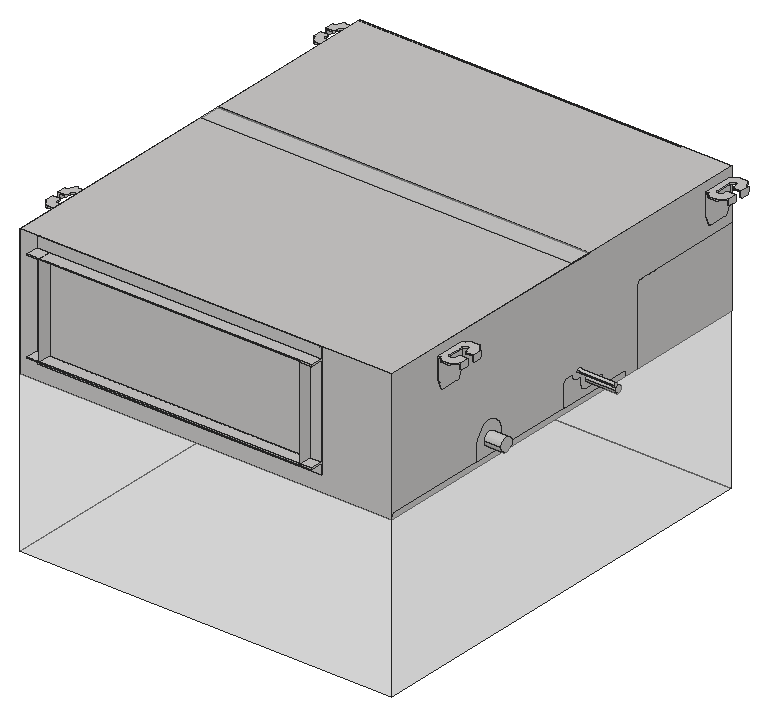
Revit family "outputfile", category 機械設備, Revit 2024
Family settings
  丸型コネクタ寸法 = 半径を使用
  パーツ タイプ = 標準
  OmniClass 番号 = 23.75.10.24.21.27.27
  OmniClass タイトル = Split System Air Conditioning Units
  作業面ベース = いいえ
  常に垂直 = はい
  ロード時にボイドで切り取り = いいえ
  注釈の向きを維持 = いいえ
  共有 = いいえ
  部屋計算ポイント = はい
Parameters (values of type "FDBF40DV14")
  Description = ""
  書き出し IFC クラス(タイプ) = "IfcUnitaryEquipmentType"
  定義済み IFC タイプ(タイプ) = "AIRCONDITIONINGUNIT"
  Cost = 0
  Type Comments = ""
  Keynote = ""
  Type Image = (empty or 0)
  Assembly Code = ""
  switch_frequency = yes
  ra duct size width = 559 mm
  ra duct size height [instance] = if(Rear Connection_Return Air, 203 mm, 204 mm)  # 203 mm
  lw_duct size width = 604 mm
  connector_voltage = Voltage_50Hz  # 230 V
  connector_powerinput = [Power Input (Cooling)]  # 0.000 kW
  connector_phase = Phase_50Hz  # 1
  URL = ""
  RA_length [instance] = if(Rear Connection_Return Air, 126 mm, 125.5 mm)  # 126 mm
  angle_drainpipe [instance] = if(Right Connection_refrigerant, 90.00°, 270.00°)  # 90.00°
  angle_gaspipe [instance] = if(Right Connection_refrigerant, 90.00°, 270.00°)  # 90.00°
  angle_liquidpipe [instance] = if(Right Connection_refrigerant, 90.00°, 270.00°)  # 90.00°
  angle_Return Air [instance] = if(Rear Connection_Return Air, 90.00°, 0.00°)  # 90.00°
  Right Connection_refrigerant [instance] = yes
  Rear Connection_Return Air [instance] = not(Bottom Connection_Return Air)  # yes
  製造元 = "Daikin"
  モデル = "FDBF40DV14"
  r_Liquid Pipe Size = Liquid Pipe Size / 2  # 3.2 mm
  r_Gas Pipe Size = Gas Pipe Size / 2  # 6.35 mm
  r_Drain Pipe Size = Drain Pipe Size / 2  # 12.5 mm
  lw_power = 60 mm  # constant formula
  lh_power = 30 mm  # constant formula
  ld_power = Depth / 2  # 400 mm
  Voltage_comment_50Hz = "220 - 240"
  Voltage_50Hz = 230 V
  Supply Air Direction [instance] = yes
  Sound Power Level_H speed (dB) = 0
  Phase_50Hz = 1
  Minimum External Static Pressure = 15.00 Pa
  Minimum Circuit Amps_50Hz = 0.0 A
  Maximum Fuse Amps_50Hz = 0.0 A
  Maximum External Static Pressure = 38.00 Pa
  Material_Casing = DAIKIN_GalvanizedSteel_Casing_indoorunit
  lw_mountinghole = 738 mm
  lh_gaspipe = 22 mm  # constant formula
  lh_mountinghole = 230 mm  # constant formula
  lh_liquidpipe = 185 mm  # constant formula
  lh_drainpipe = 207 mm  # constant formula
  lh_antena = (Height - lh_mountinghole) + 1 mm  # 16 mm
  ld_drainpipe = 228 mm  # constant formula
  ld_liquidpipe = 438 mm  # constant formula
  ld_gaspipe = 22 mm  # constant formula
  ld_mountinghole = 0 mm
  h*** = 0 mm
  lw_liquidpipe = 421 mm
  lw_gaspipe = 408 mm
  lw_drainpipe = 383 mm
  Width = 700 mm
  Version = "ver.1.0"
  Unit Type = "L.S.P. Duct for Bed room"
  Unit Mass Weight = 26.00 kg
  Unit Designation [instance] = ""
  Uniclass2015Version = "Products v1.30"
  Uniclass2015Title = "Split coil room air conditioning units"
  Uniclass2015Code = "Pr_70_65_03_86"
  Total Cooling Capacity [instance] = 0.000 kW
  Sound Pressure Level_M speed (dBA) = 33
  Sound Pressure Level_L speed (dBA) = 25
  Sound Pressure Level_H speed (dBA) = 37
  Series = "SkyAir_Fan Coil Unit"
  Sensible Cooling Capacity [instance] = 0.000 kW
  SA Duct Size Width = 490 mm
  SA Duct Size Height = 174 mm
  Refrigerant Type = "R32"
  RA Duct Size Width = 563 mm
  RA Duct Size Height = 203 mm
  Power Input (Cooling) = 0.000 kW
  Option Accessory 3 [instance] = ""
  Option Accessory 2 [instance] = ""
  Option Accessory 1 [instance] = ""
  Nominal Cooling Capacity = 4.000 kW
  Minimum Airflow = 570.00 m³/h
  Median Airflow = 720.00 m³/h
  Maximum Airflow = 900.00 m³/h
  Load Classification = HVAC
  Liquid Pipe Size = 6.4 mm
  Link_Nested Family [instance] = ""
  Left Connection_refrigerant [instance] = not(Right Connection_refrigerant)  # no
  IfcVersion = ""
  IfcExportType = "AIRCONDITIONINGUNIT"
  IfcExportAs = "IfcUnitaryEquipmentType"
  Height = 245 mm
  Heat Exchanger Type = "Cross Fin Coil"
  Gas Pipe Size = 12.7 mm
  Frequency_50Hz = 50 Hz
  Fan Type = "Sirocco Fan"
  Fan Drive = "Direct Drive"
  FCU Tag No. [instance] = ""
  Drain Pipe Size = 25.0 mm
  Design Supply Airflow [instance] = 0.00 m³/h
  Design Return Airflow [instance] = 0.00 m³/h
  Design External Static Pressure [instance] = 0.00 Pa
  Depth = 800 mm
  既定の高さ = 0 mm
  Cooling Entering Wet Bulb Temperature [instance] = 0.00 °C
  Cooling Entering Dry Bulb Temperature [instance] = 0.00 °C
  Cooling Ambient Wet Bulb Temperature [instance] = 0.00 °C
  Cooling Ambient Dry Bulb Temperature [instance] = 0.00 °C
  Clearance visibility [instance] = yes
  Clearance Top = 0 mm
  Clearance Right = 0 mm
  Clearance Rear = 0 mm
  Clearance Left = 0 mm
  Clearance Front = 0 mm
  Clearance Bottom = 300 mm
  Bottom Connection_Return Air [instance] = no
Reference planes
  plane 1 "Center (Front/Back)": y = 0
  plane 2 "h": z = 0
  plane 3 "Center (Left/Right)": x = 0
  plane 4 "Back": y = 400
  plane 5 "Front": y = -400
  plane 6 "Left": x = -350
  plane 7 "Right": x = 350
  plane 8 "Top": z = 0
  plane 9 "Bottom": z = -245
  plane 10: y = 400
  plane 11: y = -400
  plane 12: x = -350
  plane 13: x = 350
  plane 14: z = 0
  plane 15: z = -545
  plane 16: y = 364
  plane 17: y = -266
  plane 18: z = -15
  plane 19: x = -317
  plane 20: x = -408
  plane 21: x = 408
  plane 22: x = -421
  plane 23: x = 421
  plane 24: y = 38
  plane 25: y = 60
  plane 26: y = -172
  plane 27: z = -207
  plane 28: z = -207
  plane 29: z = -185
  plane 30: x = -383
  plane 31: x = 383
  plane 32: x = 254.5
  plane 33: x = -349.5
  plane 34: y = 151.5
  plane 35: z = -215
  plane 36: x = 290
  plane 37: x = -47.5
  plane 38: y = 274
  plane 39: z = -119.5
  plane 40: x = -369
  plane 41: x = 369
Forms (mm)
  Extrusion 1, solid, material "DAIKIN_GalvanizedSteel_Casing_indoorunit" <- "Material_Casing"
    sketch origin (0, 0, 0) x (1, 0, 0) y (0, 1, 0)
      loop
        line (-350, 400) -> (-350, -400) -> (350, -400) -> (350, 400) -> (-350, 400)
    from -245 to 0
  Extrusion 2, solid, material "DAIKIN_GalvanizedSteel_Casing_indoorunit" <- "Material_Casing", visible <- "Right Connection_refrigerant"
    sketch origin (350, 0, 0) x (0, 1, 0) y (0, 0, 1)
      loop
        circle (-172, -207) r 12.5
    from 0 to 33
  Extrusion 3, solid, material "DAIKIN_GalvanizedSteel_Casing_indoorunit" <- "Material_Casing", visible <- "Left Connection_refrigerant"
    sketch origin (-350, 0, 0) x (0, 1, 0) y (0, 0, 1)
      loop
        circle (-172, -207) r 12.5
    from 0 to -33
  Extrusion 4, solid, material "DAIKIN_GalvanizedSteel_Casing_indoorunit" <- "Material_Casing", visible <- "Right Connection_refrigerant"
    sketch origin (350, 0, 0) x (0, 1, 0) y (0, 0, 1)
      loop
        circle (38, -185) r 3.2
    from 0 to 71
  Extrusion 5, solid, material "DAIKIN_GalvanizedSteel_Casing_indoorunit" <- "Material_Casing", visible <- "Right Connection_refrigerant"
    sketch origin (350, 0, 0) x (0, 1, 0) y (0, 0, 1)
      loop
        circle (60, -207) r 6.35
    from 0 to 58
  Extrusion 6, solid, material "DAIKIN_GalvanizedSteel_Casing_indoorunit" <- "Material_Casing", visible <- "Left Connection_refrigerant"
    sketch origin (-350, 0, 0) x (0, 1, 0) y (0, 0, 1)
      loop
        circle (60, -207) r 6.35
    from 0 to -58
  Extrusion 7, solid, material "DAIKIN_GalvanizedSteel_Casing_indoorunit" <- "Material_Casing", visible <- "Left Connection_refrigerant"
    sketch origin (-350, 0, 0) x (0, 1, 0) y (0, 0, 1)
      loop
        circle (38, -185) r 3.2
    from 0 to -71
  Extrusion 8, solid, material "DAIKIN_GalvanizedSteel_Casing_indoorunit" <- "Material_Casing", visible <- "Right Connection_refrigerant"
    sketch origin (350, 0, 0) x (0, 1, 0) y (0, 0, 1)
      loop
        line (22.284, -188) -> (7.5, -188)
        arc (7.5, -188) -> (5.379, -188.879) -> (4.5, -191) r 3
        line (4.5, -191) -> (4.5, -232)
        arc (4.5, -232) -> (5.379, -234.121) -> (7.5, -235) r 3
        line (7.5, -235) -> (91, -235)
        arc (91, -235) -> (93.121, -234.121) -> (94, -232) r 3
        line (94, -232) -> (94, -220)
        arc (94, -220) -> (93.121, -217.879) -> (91, -217) r 3
        line (91, -217) -> (75.564, -217)
        arc (75.564, -217) -> (51.595, -223.481) -> (42.766, -200.274) r 18.5
        arc (42.766, -200.274) -> (29.776, -198.725) -> (22.284, -188) r 16
    from 0 to -1
  Extrusion 9, solid, material "DAIKIN_GalvanizedSteel_Casing_indoorunit" <- "Material_Casing", visible <- "Left Connection_refrigerant"
    sketch origin (-350, 0, 0) x (0, 1, 0) y (0, 0, 1)
      loop
        line (22.284, -188) -> (7.5, -188)
        arc (7.5, -188) -> (5.379, -188.879) -> (4.5, -191) r 3
        line (4.5, -191) -> (4.5, -232)
        arc (4.5, -232) -> (5.379, -234.121) -> (7.5, -235) r 3
        line (7.5, -235) -> (91, -235)
        arc (91, -235) -> (93.121, -234.121) -> (94, -232) r 3
        line (94, -232) -> (94, -220)
        arc (94, -220) -> (93.121, -217.879) -> (91, -217) r 3
        line (91, -217) -> (75.564, -217)
        arc (75.564, -217) -> (51.595, -223.481) -> (42.766, -200.274) r 18.5
        arc (42.766, -200.274) -> (29.776, -198.725) -> (22.284, -188) r 16
    from 0 to 1
  Extrusion 10, solid, material "DAIKIN_GalvanizedSteel_Casing_indoorunit" <- "Material_Casing", visible <- "Right Connection_refrigerant"
    sketch origin (350, 0, 0) x (0, 1, 0) y (0, 0, 1)
      loop
        line (-199.5, -235) -> (-144.5, -235) -> (-144.5, -204.7)
        arc (-144.5, -204.7) -> (-152.555, -185.255) -> (-172, -177.2) r 27.5
        arc (-172, -177.2) -> (-191.445, -185.255) -> (-199.5, -204.7) r 27.5
        line (-199.5, -204.7) -> (-199.5, -235)
    from 0 to -1
  Extrusion 11, solid, material "DAIKIN_GalvanizedSteel_Casing_indoorunit" <- "Material_Casing", visible <- "Left Connection_refrigerant"
    sketch origin (-350, 0, 0) x (0, 1, 0) y (0, 0, 1)
      loop
        line (-199.5, -235) -> (-144.5, -235) -> (-144.5, -204.7)
        arc (-144.5, -204.7) -> (-152.555, -185.255) -> (-172, -177.2) r 27.5
        arc (-172, -177.2) -> (-191.445, -185.255) -> (-199.5, -204.7) r 27.5
        line (-199.5, -204.7) -> (-199.5, -235)
    from 0 to 1
  Extrusion 12, solid, material "DAIKIN_GalvanizedSteel_Casing_indoorunit" <- "Material_Casing", visible <- "Right Connection_refrigerant"
    sketch origin (350, 0, 0) x (0, 1, 0) y (0, 0, 1)
      loop
        line (400, -245) -> (400, -95.5) -> (182, -95.5)
        arc (182, -95.5) -> (179.879, -96.379) -> (179, -98.5) r 3
        line (179, -98.5) -> (179, -245) -> (400, -245)
    from 0 to -1
  Extrusion 13, solid, material "DAIKIN_GalvanizedSteel_Casing_indoorunit" <- "Material_Casing", visible <- "Bottom Connection_Return Air"
    sketch origin (0, 400, 0) x (-1, 0, 0) y (0, 0, 1)
      loop
        line (-254.5, 0) -> (-254.5, -245) -> (349.5, -245) -> (349.5, 0) -> (-254.5, 0)
    from 0 to -1
  Extrusion 14, solid, material "DAIKIN_GalvanizedSteel_Casing_indoorunit" <- "Material_Casing", visible <- "Rear Connection_Return Air"
    sketch origin (0, 0, -245) x (-1, 0, 0) y (0, -1, 0)
      loop
        line (349.5, -400) -> (349.5, -151.5) -> (-254.5, -151.5) -> (-254.5, -400) -> (349.5, -400)
    from 0 to 1
  Extrusion 15, solid, material "DAIKIN_GalvanizedSteel_Casing_indoorunit" <- "Material_Casing", visible <- "Right Connection_refrigerant"
    sketch origin (350, 0, 0) x (0, 1, 0) y (0, 0, 1)
      loop
        arc (-397, -235) -> (-399.121, -235.879) -> (-400, -238) r 3
        line (-400, -238) -> (-400, -245) -> (147.5, -245) -> (147.5, -238)
        arc (147.5, -238) -> (146.621, -235.879) -> (144.5, -235) r 3
        line (144.5, -235) -> (-397, -235)
    from 0 to -1
  Extrusion 16, solid, material "DAIKIN_GalvanizedSteel_Casing_indoorunit" <- "Material_Casing", visible <- "Left Connection_refrigerant"
    sketch origin (-350, 0, 0) x (0, 1, 0) y (0, 0, 1)
      loop
        arc (-397, -235) -> (-399.121, -235.879) -> (-400, -238) r 3
        line (-400, -238) -> (-400, -245) -> (147.5, -245) -> (147.5, -238)
        arc (147.5, -238) -> (146.621, -235.879) -> (144.5, -235) r 3
        line (144.5, -235) -> (-397, -235)
    from 0 to 1
  Extrusion 17, solid, material "DAIKIN_GalvanizedSteel_Casing_indoorunit" <- "Material_Casing", visible <- "Left Connection_refrigerant"
    sketch origin (-350, 0, 0) x (0, 1, 0) y (0, 0, 1)
      loop
        line (400, -245) -> (400, -95.5) -> (182, -95.5)
        arc (182, -95.5) -> (179.879, -96.379) -> (179, -98.5) r 3
        line (179, -98.5) -> (179, -245) -> (400, -245)
    from 0 to 1
  Extrusion 18, void
    sketch origin (0, 0, 0) x (-1, 0, 0) y (0, -1, 0)
      loop
        line (350, -66.5) -> (350, -25) -> (-350, -25) -> (-350, -66.5) -> (350, -66.5)
    from 0 to -1
Cuts and joins
  Extrusion 18 cuts Extrusion 1
Dimensions and locks
  "Height": plane 8 "Top" to plane 9 "Bottom"
  equal spacing: plane 4 "Back", plane 1 "Center (Front/Back)", plane 5 "Front"
  "Depth": plane 4 "Back" to plane 5 "Front"
  equal spacing: plane 6 "Left", plane 3 "Center (Left/Right)", plane 7 "Right"
  "Width": plane 6 "Left" to plane 7 "Right"
  "Clearance Left": plane 12 to plane 6 "Left"
  "Clearance Right": plane 7 "Right" to plane 13
  "Clearance Rear": plane 10 to plane 4 "Back"
  "Clearance Front": plane 5 "Front" to plane 11
  "Clearance Top": plane 14 to plane 8 "Top"
  "Clearance Bottom": plane 9 "Bottom" to plane 15
  locked: plane 4 "Back" to plane 16 at 36
  locked: plane 17 to plane 5 "Front" at 134
  locked: plane 6 "Left" to plane 19 at 33
  "ld_liquidpipe": plane 24 to plane 5 "Front"
  "ld_drainpipe": plane 26 to plane 5 "Front"
  "ld_gaspipe": plane 25 to plane 24
  "lh_drainpipe": plane 8 "Top" to plane 28
  "lh_liquidpipe": plane 8 "Top" to plane 29
  "lh_gaspipe": plane 29 to plane 27
  locked: plane 7 "Right" to plane 32 at 95.5
  locked: plane 33 to plane 6 "Left" at 0.5
  locked: plane 4 "Back" to plane 34 at 248.5
  "lw_drainpipe": plane 3 "Center (Left/Right)" to plane 31
  "lw_drainpipe": plane 30 to plane 3 "Center (Left/Right)"
  "lw_gaspipe": plane 3 "Center (Left/Right)" to plane 21
  "lw_gaspipe": plane 20 to plane 3 "Center (Left/Right)"
  "lw_liquidpipe": plane 3 "Center (Left/Right)" to plane 23
  "lw_liquidpipe": plane 22 to plane 3 "Center (Left/Right)"
  "lw_power": plane 7 "Right" to plane 36
  "lh_power": plane 9 "Bottom" to plane 35
  equal spacing: plane 33, plane 37, plane 32
  locked: plane 4 "Back" to plane 38 at 126
  locked: plane 9 "Bottom" to plane 39 at 125.5
  equal spacing: plane 40, plane 3 "Center (Left/Right)", plane 41
  "lw_mountinghole": plane 40 to plane 41
  "lh_mountinghole": plane 18 to plane 9 "Bottom"
  locked: Extrusion 18 sketch curve to Extrusion 18 sketch curve at 41.5
  locked: plane 1 "Center (Front/Back)" to Extrusion 18 sketch curve at 25
  "r_Drain Pipe Size": radius of Extrusion 2 sketch curve
  "r_Drain Pipe Size": radius of Extrusion 3 sketch curve
  "r_Liquid Pipe Size": radius of Extrusion 4 sketch curve
  "r_Gas Pipe Size": radius of Extrusion 5 sketch curve
  "r_Gas Pipe Size": radius of Extrusion 6 sketch curve
  "r_Liquid Pipe Size": radius of Extrusion 7 sketch curve
  aligned and locked: level to plane 2 "h"
  aligned and locked: plane 8 "Top" to Extrusion 1
  aligned and locked: Extrusion 1 to plane 9 "Bottom"
  aligned and locked: nested 2 to plane 11
  aligned and locked: plane 12 to nested 2
  aligned and locked: plane 13 to nested 2
  aligned and locked: nested 2 to plane 12
  aligned and locked: plane 10 to nested 2
  aligned and locked: plane 14 to nested 2
  aligned and locked: plane 15 to nested 2
  aligned and locked: plane 5 "Front" to Extrusion 1 sketch curve
  aligned and locked: level to plane 8 "Top"
  aligned and locked: nested 3 to plane 6 "Left"
  aligned and locked: nested 6 to plane 6 "Left"
  aligned and locked: plane 7 "Right" to nested 5
  aligned and locked: plane 7 "Right" to nested 4
  aligned and locked: nested 3 to plane 16
  aligned and locked: plane 16 to nested 4
  aligned and locked: plane 17 to nested 6
  aligned and locked: nested 5 to plane 17
  aligned and locked: plane 18 to nested 3
  aligned and locked: plane 18 to nested 6
  aligned and locked: plane 18 to nested 4
  aligned and locked: plane 18 to nested 5
  aligned and locked: nested 7 to plane 5 "Front"
  aligned and locked: nested 7 to plane 19
  aligned and locked: plane 28 to Extrusion 2 sketch curve
  aligned and locked: plane 26 to Extrusion 2 sketch curve
  aligned and locked: plane 31 to Extrusion 2
  aligned and locked: plane 28 to Extrusion 3 sketch curve
  aligned and locked: plane 26 to Extrusion 3 sketch curve
  aligned and locked: Extrusion 3 to plane 30
  aligned and locked: plane 29 to Extrusion 4 sketch curve
  aligned and locked: plane 24 to Extrusion 4 sketch curve
  aligned and locked: plane 23 to Extrusion 4
  aligned and locked: plane 28 to Extrusion 5 sketch curve
  aligned and locked: plane 25 to Extrusion 5 sketch curve
  aligned and locked: plane 21 to Extrusion 5
  aligned and locked: plane 28 to Extrusion 6 sketch curve
  aligned and locked: plane 25 to Extrusion 6 sketch curve
  aligned and locked: Extrusion 6 to plane 20
  aligned and locked: plane 29 to Extrusion 7 sketch curve
  aligned and locked: plane 24 to Extrusion 7 sketch curve
  aligned and locked: Extrusion 7 to plane 22
  aligned and locked: Extrusion 13 to plane 33
  aligned and locked: plane 32 to Extrusion 13
  aligned and locked: plane 8 "Top" to Extrusion 13
  aligned and locked: Extrusion 13 to plane 9 "Bottom"
  aligned and locked: Extrusion 14 to plane 33
  aligned and locked: plane 32 to Extrusion 14
  aligned and locked: Extrusion 14 to plane 34
  aligned and locked: plane 4 "Back" to Extrusion 14
  aligned and locked: nested 8 to plane 4 "Back"
  aligned and locked: nested 8 to plane 33
  aligned and locked: plane 8 "Top" to nested 8
  aligned and locked: nested 9 to plane 34
  aligned and locked: plane 4 "Back" to nested 9
  aligned and locked: plane 32 to nested 9
  aligned and locked: nested 9 to plane 9 "Bottom"
  aligned and locked: nested 10 to plane 26
  aligned and locked: plane 3 "Center (Left/Right)" to nested 10
  aligned and locked: nested 10 to plane 28
  aligned and locked: nested 11 to plane 24
  aligned and locked: plane 3 "Center (Left/Right)" to nested 11
  aligned and locked: nested 11 to plane 29
  aligned and locked: nested 12 to plane 25
  aligned and locked: plane 3 "Center (Left/Right)" to nested 12
  aligned and locked: nested 12 to plane 28
  aligned and locked: nested 13 to plane 35
  aligned and locked: nested 13 to plane 36
  aligned and locked: nested 13 to plane 1 "Center (Front/Back)"
  aligned and locked: plane 37 to nested 14
  aligned and locked: nested 14 to plane 38
  aligned and locked: plane 38 to nested 14  (x2)
  aligned and locked: plane 40 to nested 15
  aligned and locked: plane 17 to nested 15
  aligned and locked: plane 40 to nested 16
  aligned and locked: nested 16 to plane 16
  aligned and locked: plane 41 to nested 18
  aligned and locked: plane 17 to nested 18
  aligned and locked: plane 41 to nested 17
  aligned and locked: nested 17 to plane 16
  aligned and locked: plane 1 "Center (Front/Back)" to nested 1
  aligned and locked: plane 3 "Center (Left/Right)" to nested 1
  aligned and locked: plane 6 "Left" to Extrusion 18 sketch curve
  aligned and locked: Extrusion 18 sketch curve to plane 7 "Right"
  aligned and locked: plane 8 "Top" to nested 7
Automatic sketch dimensions
  Extrusion 1 sketch curve to plane 6 "Left" = 0 mm
  Extrusion 1 sketch curve to plane 7 "Right" = 0 mm
  Extrusion 1 sketch curve to plane 4 "Back" = 0 mm
  Extrusion 8 sketch curve to plane 24 = 0 mm
  Extrusion 8 sketch curve to plane 25 = 0 mm
  Extrusion 8 sketch curve to plane 27 = 0 mm
  Extrusion 8 sketch curve to plane 29 = 0 mm
  Extrusion 8 sketch curve to plane 29 = 3 mm
  Extrusion 8 sketch curve to plane 24 = 15.716 mm
  Extrusion 8 sketch curve to plane 1 "Center (Front/Back)" = 7.5 mm  (x2)
  Extrusion 8 sketch curve to Extrusion 8 sketch curve = 3 mm
  Extrusion 8 sketch curve to plane 35 = 2 mm
  plane 25 to Extrusion 8 sketch curve = 15.564 mm
  plane 9 "Bottom" to Extrusion 8 sketch curve = 10 mm
  Extrusion 8 sketch curve to Extrusion 8 sketch curve = 15.436 mm
  Extrusion 8 sketch curve to plane 35 = 5 mm
  Extrusion 8 sketch curve to Extrusion 8 sketch curve = 0 mm
  Extrusion 9 sketch curve to plane 24 = 0 mm
  Extrusion 9 sketch curve to plane 25 = 0 mm
  Extrusion 9 sketch curve to plane 27 = 0 mm
  Extrusion 9 sketch curve to plane 29 = 0 mm
  Extrusion 9 sketch curve to plane 29 = 3 mm
  Extrusion 9 sketch curve to plane 24 = 15.716 mm
  Extrusion 9 sketch curve to plane 1 "Center (Front/Back)" = 7.5 mm  (x2)
  Extrusion 9 sketch curve to Extrusion 9 sketch curve = 3 mm
  Extrusion 9 sketch curve to plane 35 = 2 mm
  plane 25 to Extrusion 9 sketch curve = 15.564 mm
  plane 9 "Bottom" to Extrusion 9 sketch curve = 10 mm
  Extrusion 9 sketch curve to Extrusion 9 sketch curve = 15.436 mm
  Extrusion 9 sketch curve to plane 35 = 5 mm
  Extrusion 9 sketch curve to Extrusion 9 sketch curve = 0 mm
  Extrusion 10 sketch curve to Extrusion 10 sketch curve = 0 mm  (x2)
  Extrusion 10 sketch curve to plane 26 = 0 mm
  plane 9 "Bottom" to Extrusion 10 sketch curve = 10 mm
  Extrusion 10 sketch curve to plane 26 = 27.5 mm
  plane 27 to Extrusion 10 sketch curve = 2.3 mm
  Extrusion 11 sketch curve to Extrusion 11 sketch curve = 0 mm  (x2)
  Extrusion 11 sketch curve to plane 26 = 0 mm
  plane 9 "Bottom" to Extrusion 11 sketch curve = 10 mm
  Extrusion 11 sketch curve to plane 26 = 27.5 mm
  plane 27 to Extrusion 11 sketch curve = 2.3 mm
  Extrusion 12 sketch curve to plane 9 "Bottom" = 0 mm
  Extrusion 12 sketch curve to plane 4 "Back" = 0 mm
  plane 34 to Extrusion 12 sketch curve = 30.5 mm
  Extrusion 12 sketch curve to Extrusion 12 sketch curve = 3 mm
  plane 39 to Extrusion 12 sketch curve = 21 mm
  Extrusion 13 sketch curve to plane 9 "Bottom" = 0 mm
  Extrusion 13 sketch curve to plane 32 = 0 mm
  Extrusion 13 sketch curve to plane 33 = 0 mm
  Extrusion 13 sketch curve to level = 0 mm
  Extrusion 14 sketch curve to plane 4 "Back" = 0 mm
  Extrusion 14 sketch curve to plane 32 = 0 mm
  Extrusion 14 sketch curve to plane 33 = 0 mm
  Extrusion 14 sketch curve to plane 34 = 0 mm
  Extrusion 15 sketch curve to plane 5 "Front" = 0 mm
  Extrusion 15 sketch curve to plane 9 "Bottom" = 0 mm
  Extrusion 15 sketch curve to Extrusion 15 sketch curve = 3 mm
  Extrusion 15 sketch curve to plane 34 = 7 mm
  Extrusion 15 sketch curve to plane 34 = 4 mm
  Extrusion 15 sketch curve to Extrusion 15 sketch curve = 7 mm
  Extrusion 16 sketch curve to plane 5 "Front" = 0 mm
  Extrusion 16 sketch curve to plane 9 "Bottom" = 0 mm
  Extrusion 16 sketch curve to Extrusion 16 sketch curve = 3 mm
  Extrusion 16 sketch curve to plane 34 = 7 mm
  Extrusion 16 sketch curve to plane 34 = 4 mm
  plane 9 "Bottom" to Extrusion 16 sketch curve = 7 mm
  Extrusion 17 sketch curve to plane 9 "Bottom" = 0 mm
  Extrusion 17 sketch curve to plane 4 "Back" = 0 mm
  plane 34 to Extrusion 17 sketch curve = 30.5 mm
  Extrusion 17 sketch curve to Extrusion 17 sketch curve = 3 mm
  plane 39 to Extrusion 17 sketch curve = 21 mm
Nested families
  nested 1: "daikin_△_symbolicline" at (0, 0, 245), built-in parameter 1001364 <- "Height", visible <- "Supply Air Direction", type "daikin_△_symbolicline"
    with length 200 mm
  nested 2: "daikin_clearancespace" at (0, 0, -272.381), visible <- "Clearance visibility", show <- "Clearance visibility", Link_Nested Family <- "Link_Nested Family", type "daikin_clearancespace"
    with width 700 mm, show yes, height 545 mm, depth 800 mm, Link_Nested Family ""
  nested 3: "daikin_hangerfixture_FDBF-DV14" at (-350, 364, -15) x (0, -1, 0) z (0, 0, 1), type "daikin_hangerfixture_FDBF-DV14"
  nested 4: "daikin_hangerfixture_FDBF-DV14" at (350, 364, -15) x (0, 1, 0) z (0, 0, 1), type "daikin_hangerfixture_FDBF-DV14"
  nested 5: "daikin_hangerfixture_FDBF-DV14" at (350, -266, -15) x (0, 1, 0) z (0, 0, 1), type "daikin_hangerfixture_FDBF-DV14"
  nested 6: "daikin_hangerfixture_FDBF-DV14" at (-350, -266, -15) x (0, -1, 0) z (0, 0, 1), type "daikin_hangerfixture_FDBF-DV14"
  nested 7: "daikin_ductflange_FDBF-DV14_2" at (-49.5, -400, -108), type "daikin_ductflange_FDBF-DV14_2"
  nested 8: "daikin_ductflange_FDBF-DV14" at (-47.5, 400, -122.5), width <- "lw_duct size width", visible <- "Rear Connection_Return Air", material <- "Material_Casing", type "daikin_ductflange_FDBF-DV14"
    with width 604 mm, material DAIKIN_GalvanizedSteel_Casing_indoorunit, height 245 mm, depth 1 mm
  nested 9: "daikin_ductflange_FDBF-DV14_1" at (-47.5, 275.75, -244) x (1, 0, 0) z (0, -1, 0), width <- "lw_duct size width", visible <- "Bottom Connection_Return Air", material <- "Material_Casing", type "daikin_ductflange_FDBF-DV14_1"
    with width 604 mm, material DAIKIN_GalvanizedSteel_Casing_indoorunit, height 248.5 mm, depth 1 mm
  nested 10: "daikin_connector_rotate3" at (0, -172, -207), length <- "lw_drainpipe", radius <- "r_Drain Pipe Size", angle_vertical <- "angle_drainpipe", type "daikin_connector_rotate3"
    with show no, radius 12.5 mm, length 383 mm, angle_vertical 90.00°, angle_horizontal 90.00°
  nested 11: "daikin_connector_rotate3" at (0, 38, -185), length <- "lw_liquidpipe", radius <- "r_Liquid Pipe Size", angle_vertical <- "angle_liquidpipe", type "daikin_connector_rotate3"
    with show no, radius 3.2 mm, length 421 mm, angle_vertical 90.00°, angle_horizontal 90.00°
  nested 12: "daikin_connector_rotate3" at (0, 60, -207), length <- "lw_gaspipe", radius <- "r_Gas Pipe Size", angle_vertical <- "angle_gaspipe", type "daikin_connector_rotate3"
    with show no, radius 6.35 mm, length 408 mm, angle_vertical 90.00°, angle_horizontal 90.00°
  nested 13: "daikin_connector_rotate2" at (290, 0, -215) x (-1, 0, 0) z (0, 0, 1), length <- "ld_power", type "daikin_connector_rotate2"
    with radius 10 mm, length 400 mm, angle_vertical 90.00°
  nested 14: "daikin_connector_rotate3" at (-47.5, 274, -119.5), angle_vertical <- "angle_Return Air", length <- "RA_length", type "daikin_connector_rotate3"
    with show no, radius 10 mm, length 126 mm, angle_vertical 90.00°, angle_horizontal 180.00°
  nested 15: "daikin_mountinghole" at (-369, -266, -245), h_mountinghole <- "lh_mountinghole", l_antenna <- "lh_antena", Link_Nested Family <- "Link_Nested Family", type "daikin_mountinghole"
    with show yes, l_antenna 16 mm, h_mountinghole 230 mm, Link_Nested Family ""
  nested 16: "daikin_mountinghole" at (-369, 364, -245), h_mountinghole <- "lh_mountinghole", l_antenna <- "lh_antena", Link_Nested Family <- "Link_Nested Family", type "daikin_mountinghole"
    with show yes, l_antenna 16 mm, h_mountinghole 230 mm, Link_Nested Family ""
  nested 17: "daikin_mountinghole" at (369, 364, -245), h_mountinghole <- "lh_mountinghole", l_antenna <- "lh_antena", type "daikin_mountinghole"
    with show yes, l_antenna 16 mm, h_mountinghole 230 mm, Link_Nested Family ""
  nested 18: "daikin_mountinghole" at (369, -266, -245), h_mountinghole <- "lh_mountinghole", l_antenna <- "lh_antena", type "daikin_mountinghole"
    with show yes, l_antenna 16 mm, h_mountinghole 230 mm, Link_Nested Family ""
Connectors
  hvac at (-49.5, -425, -108), driven by "SA Duct Size Height", driven by "SA Duct Size Width"
    settings: on nested 7, index 1, duct flow 0.00 m³/h, flow factor 0, pres drop 0.00 Pa, loss coef 0, conn angle 0.00°, conn width 490.0 mm, conn height 174.0 mm, conn diameter 609.6 mm, duct sys type 1, conn prof type 1, flow config 0, flow direction 2, loss method 4, conn ref index -1, conn util no, is conn primary yes, conn desc "SA Duct"
  piping at (408, 60, -207), diameter 12.7, driven by "r_Gas Pipe Size"
    settings: on nested 12, index 4, connector inside diameter 609.6 mm, connector length 0 mm, flow factor 0, pipe flow 0.00 m³/h, pressure drop 0.0 Pa, fitting loss kfactor 0, connector angle 0.00°, fixture units 0, engagement length 0 mm, angle of deflection 0.00°, flow configuration 1, flow direction 2, fitting loss method 0, system type 29, joint type 0, gender type 0, connector reference index -1, connector utility 0, adjustable connector no, is connector primary yes, connector description "Refrigerant Gas Piping"
  piping at (421, 38, -185), diameter 6.4, driven by "r_Liquid Pipe Size"
    settings: on nested 11, index 5, connector inside diameter 609.6 mm, connector length 0 mm, flow factor 0, pipe flow 0.00 m³/h, pressure drop 0.0 Pa, fitting loss kfactor 0, connector angle 0.00°, fixture units 0, engagement length 0 mm, angle of deflection 0.00°, flow configuration 1, flow direction 1, fitting loss method 0, system type 29, joint type 0, gender type 0, connector reference index -1, connector utility 0, adjustable connector no, is connector primary no, connector description "Refrigerant Liquid Piping"
  piping at (383, -172, -207), diameter 25, driven by "r_Drain Pipe Size"
    settings: on nested 10, index 6, connector inside diameter 609.6 mm, connector length 0 mm, flow factor 0, pipe flow 0.00 m³/h, pressure drop 0.0 Pa, fitting loss kfactor 0, connector angle 0.00°, fixture units 0, engagement length 0 mm, angle of deflection 0.00°, flow configuration 1, flow direction 2, fitting loss method 4, system type 16, joint type 0, gender type 0, connector reference index -1, connector utility 0, adjustable connector no, is connector primary no, connector description "Condensate Drain Piping"
  hvac at (-47.5, 400, -119.5), driven by "ra duct size height", driven by "RA Duct Size Width"
    settings: on nested 14, index 7, duct flow 0.00 m³/h, flow factor 0, pres drop 0.00 Pa, loss coef 0, conn angle 0.00°, conn width 563.0 mm, conn height 203.0 mm, conn diameter 609.6 mm, duct sys type 2, conn prof type 1, flow config 0, flow direction 1, loss method 4, conn ref index -1, conn util no, is conn primary no, conn desc "RA Duct"
  electrical at (290, 400, -215), driven by "Load Classification", driven by "connector_phase", driven by "connector_voltage", driven by "connector_powerinput"
    settings: on nested 13, index 8, voltage 230 V, apparent load 0 VA, apparent load phase1 0 VA, apparent load phase2 0 VA, apparent load phase3 0 VA, power factor 1, load classification "HVAC", number of poles 1, system type 30, power factor state 1, is connector primary yes, connector utility no, sub classification motor no, connector description "Power Supply"
Definition of nested family "daikin_clearancespace"
  Parameters (values of type "daikin_clearancespace")
    Description = "daikin_clearancespace"
    width [instance] = 1823.963 mm
    show [instance] = yes
    material = none
    height [instance] = 1359.762 mm
    depth [instance] = 880 mm
    Default Elevation = 0 mm
    Link_Nested Family [instance] = ""
  Reference planes
    plane 1 "Center (Front/Back)": y = 0
    plane 2 "Center (Elevation)": z = -0.119
    plane 3 "Center (Left/Right)": x = 0
    plane 4: y = 440
    plane 5: y = -440
    plane 6 "Right": x = 911.982
    plane 7 "Left": x = -911.982
    plane 8 "Top": z = 679.762
    plane 9 "Bottom": z = -680
  Forms (mm)
    Extrusion 1, solid, material <- "material", visible <- "show"
      sketch origin (0, 0, 0) x (1, 0, 0) y (0, 1, 0)
        loop
          line (-911.982, 440) -> (-911.982, -440) -> (911.982, -440) -> (911.982, 440) -> (-911.982, 440)
      from -680 to 679.762
  Lines and regions (mm)
    symbolic lines, visible <- "show"
      curve 1: line (911.982, 440, 0) -> (-911.982, 440, 0)
      curve 2: line (-911.982, 440, 0) -> (-911.982, -440, 0)
      curve 3: line (-911.982, -440, 0) -> (911.982, -440, 0)
      curve 4: line (911.982, -440, 0) -> (911.982, 440, 0)
      curve 5: line (911.982, 0, 679.762) -> (-911.982, 0, 679.762)
      curve 6: line (911.982, 0, -680) -> (911.982, 0, 679.762)
      curve 7: line (-911.982, 0, -680) -> (911.982, 0, -680)
      curve 8: line (-911.982, 0, 679.762) -> (-911.982, 0, -680)
      curve 9: line (0, 440, 679.762) -> (0, -440, 679.762)
      curve 10: line (0, -440, 679.762) -> (0, -440, -680)
      curve 11: line (0, 440, -680) -> (0, 440, 679.762)
      curve 12: line (0, -440, -680) -> (0, 440, -680)
  Dimensions and locks
    "width": plane 7 "Left" to plane 6 "Right"
    "depth": plane 4 to plane 5
    "height": plane 8 "Top" to plane 9 "Bottom"
    equal spacing: plane 7 "Left", plane 3 "Center (Left/Right)", plane 6 "Right"
    equal spacing: plane 4, plane 1 "Center (Front/Back)", plane 5
    equal spacing: plane 8 "Top", plane 2 "Center (Elevation)", plane 9 "Bottom"
    aligned and locked: level to plane 2 "Center (Elevation)"
    aligned and locked: Extrusion 1 sketch curve to plane 4
    aligned and locked: plane 7 "Left" to Extrusion 1 sketch curve
    aligned and locked: Extrusion 1 sketch curve to plane 5
    aligned and locked: Extrusion 1 sketch curve to plane 6 "Right"
    aligned and locked: plane 8 "Top" to Extrusion 1
    aligned and locked: curve 1 to Extrusion 1
    aligned and locked: curve 2 to Extrusion 1
    aligned and locked: curve 3 to Extrusion 1
    aligned and locked: curve 4 to Extrusion 1
    aligned and locked: curve 5 to Extrusion 1
    aligned and locked: curve 6 to Extrusion 1
    aligned and locked: curve 7 to Extrusion 1
    aligned and locked: curve 8 to Extrusion 1
    aligned and locked: curve 9 to Extrusion 1
    aligned and locked: curve 10 to Extrusion 1
    aligned and locked: curve 11 to Extrusion 1
    aligned and locked: curve 12 to Extrusion 1
    aligned and locked: Extrusion 1 to plane 9 "Bottom"
Definition of nested family "daikin_hangerfixture_FDBF-DV14"
  Parameters (values of type "daikin_hangerfixture_FDBF-DV2S")
    width = 72 mm
    material = none
    height = 60 mm
    depth = 41 mm
    Default Elevation = 0 mm
  Reference planes
    plane 1 "Center (Front/Back)": y = 0
    plane 2: z = 0
    plane 3 "Center (Left/Right)": x = 0
    plane 4: y = 417.146
    plane 5: y = -41
    plane 6: x = -36
    plane 7: x = 36
    plane 8: z = -2.3
    plane 9: z = -60
    plane 10: y = -2.3
    plane 11: z = -12
    plane 12: y = -38.7
  Forms (mm)
    Extrusion 1, solid, material <- "material"
      sketch origin (0, 0, 0) x (1, 0, 0) y (0, 1, 0)
        loop
          line (-28, 0) -> (-28, -5)
          arc (-28, -5) -> (-29.127, -8.162) -> (-32, -9.899) r 5
          arc (-32, -9.899) -> (-34.873, -11.636) -> (-36, -14.798) r 5
          line (-36, -14.798) -> (-36, -27.178)
          arc (-36, -27.178) -> (-35.429, -29.499) -> (-33.846, -31.289) r 5
          line (-33.846, -31.289) -> (-23, -38.798) -> (-23, -41.098) -> (-6.5, -41.098) -> (-6.5, -28.498)
          arc (-6.5, -28.498) -> (-7.379, -26.377) -> (-9.5, -25.498) r 3
          line (-9.5, -25.498) -> (-13.5, -25.498)
          arc (-13.5, -25.498) -> (-20, -18.998) -> (-13.5, -12.498) r 6.5
          line (-13.5, -12.498) -> (13.5, -12.498)
          arc (13.5, -12.498) -> (20, -18.998) -> (13.5, -25.498) r 6.5
          line (13.5, -25.498) -> (9.5, -25.498)
          arc (9.5, -25.498) -> (7.379, -26.377) -> (6.5, -28.498) r 3
          line (6.5, -28.498) -> (6.5, -41.098) -> (23, -41.098) -> (23, -38.798) -> (33.846, -31.289)
          arc (33.846, -31.289) -> (35.429, -29.499) -> (36, -27.178) r 5
          line (36, -27.178) -> (36, -14.596)
          arc (36, -14.596) -> (34.873, -11.434) -> (32, -9.697) r 5
          arc (32, -9.697) -> (29.127, -7.96) -> (28, -4.798) r 5
          line (28, -4.798) -> (28, 0) -> (-28, 0)
      from 0 to -2.3
    Extrusion 2, solid, material <- "material"
      sketch origin (0, 0, 0) x (1, 0, 0) y (0, 0, 1)
        loop
          line (28, -39.037) -> (28, 0) -> (-28, 0) -> (-28, -39.037)
          arc (-28, -39.037) -> (-27.91, -39.983) -> (-27.642, -40.894) r 5
          line (-27.642, -40.894) -> (-21.257, -56.857)
          arc (-21.257, -56.857) -> (-19.418, -59.14) -> (-16.615, -60) r 5
          line (-16.615, -60) -> (16.615, -60)
          arc (16.615, -60) -> (19.418, -59.14) -> (21.257, -56.857) r 5
          line (21.257, -56.857) -> (27.642, -40.894)
          arc (27.642, -40.894) -> (27.91, -39.983) -> (28, -39.037) r 5
      from 0 to 2.3
    Extrusion 3, solid, material <- "material"
      sketch origin (0, 0, 0) x (1, 0, 0) y (0, 0, 1)
        loop
          line (-23, 0) -> (-23, -9)
          arc (-23, -9) -> (-22.121, -11.121) -> (-20, -12) r 3
          line (-20, -12) -> (-9.5, -12)
          arc (-9.5, -12) -> (-7.379, -11.121) -> (-6.5, -9) r 3
          line (-6.5, -9) -> (-6.5, 0) -> (-23, 0)
        loop
          line (23, 0) -> (6.5, 0) -> (6.5, -9)
          arc (6.5, -9) -> (7.379, -11.121) -> (9.5, -12) r 3
          line (9.5, -12) -> (20, -12)
          arc (20, -12) -> (22.121, -11.121) -> (23, -9) r 3
          line (23, -9) -> (23, 0)
      from 38.8 to 41.098
  Cuts and joins
    joined: Extrusion 1, Extrusion 2, Extrusion 3
  Dimensions and locks
    plane 2 to plane 8 = 2.3 mm
    "height": plane 2 to plane 9
    locked: plane 10 to plane 1 "Center (Front/Back)" at 2.3
    locked: plane 2 to plane 11 at 12
    locked: plane 12 to plane 5 at 2.3
    "width": plane 6 to plane 7
    "depth": plane 1 "Center (Front/Back)" to plane 5
    aligned and locked: level to plane 2
    aligned and locked: Extrusion 1 to plane 8
    aligned and locked: plane 2 to Extrusion 1
    aligned and locked: plane 2 to Extrusion 2 sketch curve
    aligned and locked: Extrusion 2 to plane 10
    aligned and locked: Extrusion 2 to plane 1 "Center (Front/Back)"
    aligned and locked: Extrusion 3 sketch curve to cut or joined group of Extrusion 1, Extrusion 2, Extrusion 3  (x3)
    aligned and locked: cut or joined group of Extrusion 1, Extrusion 2, Extrusion 3 to Extrusion 3
  Automatic sketch dimensions
    Extrusion 2 sketch curve to plane 7 = 8 mm
    Extrusion 2 sketch curve to plane 8 = 36.737 mm
    plane 6 to Extrusion 2 sketch curve = 19.385 mm
    Extrusion 1 sketch curve to plane 6 = 0 mm
    plane 1 "Center (Front/Back)" to Extrusion 1 sketch curve = 0 mm
    Extrusion 1 sketch curve to plane 7 = 0 mm
    plane 6 to Extrusion 1 sketch curve = 2.154 mm
    plane 6 to Extrusion 1 sketch curve = 3 mm
    Extrusion 1 sketch curve to Extrusion 1 sketch curve = 5 mm  (x3)
    Extrusion 1 sketch curve to plane 12 = 0.098 mm  (x2)
    Extrusion 1 sketch curve to Extrusion 1 sketch curve = 4 mm  (x2)
    Extrusion 1 sketch curve to plane 5 = 0.098 mm  (x2)
    Extrusion 1 sketch curve to plane 3 "Center (Left/Right)" = 6.5 mm
    plane 3 "Center (Left/Right)" to Extrusion 1 sketch curve = 6.5 mm
    Extrusion 1 sketch curve to Extrusion 1 sketch curve = 3 mm
    Extrusion 1 sketch curve to plane 7 = 8 mm
    Extrusion 1 sketch curve to plane 7 = 5 mm
    Extrusion 1 sketch curve to plane 7 = 3 mm
    Extrusion 1 sketch curve to plane 7 = 2.154 mm
    plane 12 to Extrusion 1 sketch curve = 7.411 mm  (x2)
    plane 12 to Extrusion 1 sketch curve = 10.202 mm  (x2)
    Extrusion 1 sketch curve to Extrusion 1 sketch curve = 6.5 mm  (x2)
    Extrusion 1 sketch curve to Extrusion 1 sketch curve = 12.38 mm
    Extrusion 1 sketch curve to plane 10 = 12.296 mm
    Extrusion 1 sketch curve to plane 10 = 2.7 mm
    Extrusion 1 sketch curve to plane 10 = 2.498 mm
    plane 6 to Extrusion 1 sketch curve = 4 mm
    Extrusion 1 sketch curve to Extrusion 1 sketch curve = 0 mm  (x2)
    Extrusion 1 sketch curve to plane 7 = 4 mm
    Extrusion 1 sketch curve to Extrusion 1 sketch curve = 4.111 mm
    Extrusion 3 sketch curve to level = 0 mm  (x2)
    Extrusion 3 sketch curve to plane 11 = 0 mm  (x2)
    plane 11 to Extrusion 3 sketch curve = 3 mm  (x2)
    plane 3 "Center (Left/Right)" to Extrusion 3 sketch curve = 6.5 mm
    Extrusion 3 sketch curve to Extrusion 3 sketch curve = 3 mm  (x2)
    Extrusion 2 sketch curve to plane 9 = 0 mm
    Extrusion 2 sketch curve to Extrusion 2 sketch curve = 11.385 mm
    plane 6 to Extrusion 2 sketch curve = 8 mm
    plane 9 to Extrusion 2 sketch curve = 20.963 mm
    Extrusion 2 sketch curve to Extrusion 2 sketch curve = 5 mm  (x2)
    plane 9 to Extrusion 2 sketch curve = 3.143 mm  (x3)
    Extrusion 2 sketch curve to Extrusion 2 sketch curve = 4.642 mm  (x2)
    Extrusion 2 sketch curve to Extrusion 2 sketch curve = 0 mm  (x2)
    Extrusion 2 sketch curve to Extrusion 2 sketch curve = 0.358 mm
    Extrusion 2 sketch curve to Extrusion 2 sketch curve = 1.857 mm  (x2)
Definition of nested family "daikin_ductflange_FDBF-DV14_2"
  Parameters (values of type "daikin_ductflange_FDBF-DV2S_2")
    width = if(w = 700 mm, 535 mm, if(w = 1000 mm, 835 mm, 535 mm))  # 535 mm
    w = 700 mm
    material = none
    height = 174 mm
    depth = 25 mm
    Default Elevation = 0 mm
  Reference planes
    plane 1 "Center (Front/Back)": y = 0
    plane 2: z = 0
    plane 3 "Center (Left/Right)": x = 0
    plane 4: y = -25
    plane 5: x = -267.5
    plane 6: x = 267.5
    plane 7: x = 245
    plane 8: x = -245
    plane 9: x = 246
    plane 10: x = -246
    plane 11: y = -1
    plane 12: z = 108
    plane 13: z = -108
    plane 14: z = 87
    plane 15: z = -87
  Forms (mm)
    Extrusion 1, solid, material <- "material"
      sketch origin (0, 0, 0) x (1, 0, 0) y (0, 0, 1)
        loop
          line (245, 87) -> (245, -87) -> (267.5, -87) -> (267.5, -86) -> (246, -86) -> (246, 86) -> (267.5, 86) -> (267.5, 87) -> (245, 87)
      from 0 to 25
    Extrusion 2, solid, material <- "material"
      sketch origin (0, 0, 0) x (1, 0, 0) y (0, 0, 1)
        loop
          line (-267.5, 87) -> (-267.5, 86) -> (-246, 86) -> (-246, -86) -> (-267.5, -86) -> (-267.5, -87) -> (-245, -87) -> (-245, 87) -> (-267.5, 87)
      from 0 to 25
    Extrusion 3, solid, material <- "material"
      sketch origin (0, 0, 0) x (1, 0, 0) y (0, 0, 1)
        loop
          line (-267.5, 87) -> (-267.5, -87) -> (-245, -87) -> (-245, 87) -> (-267.5, 87)
        loop
          line (267.5, 87) -> (245, 87) -> (245, -87) -> (267.5, -87) -> (267.5, 87)
      from 0 to 1
    Extrusion 4, solid, material <- "material"
      sketch origin (0, 0, 0) x (0, 1, 0) y (0, 0, 1)
        loop
          line (0, 108) -> (-1, 108) -> (-1, 88) -> (-25, 88) -> (-25, 87) -> (0, 87) -> (0, 108)
        loop
          line (0, -108) -> (0, -87) -> (-25, -87) -> (-25, -88) -> (-1, -88) -> (-1, -108) -> (0, -108)
      from -267.5 to 267.5
  Cuts and joins
    joined: Extrusion 1, Extrusion 2, Extrusion 3, Extrusion 4
  Dimensions and locks
    "depth": plane 4 to plane 1 "Center (Front/Back)"
    locked: plane 6 to plane 7 at 22.5
    locked: plane 8 to plane 5 at 22.5
    locked: plane 9 to plane 7 at 1
    equal spacing: plane 7, plane 3 "Center (Left/Right)", plane 8
    locked: plane 8 to plane 10 at 1
    locked: plane 11 to plane 1 "Center (Front/Back)" at 1
    "width": plane 6 to plane 5
    equal spacing: plane 14, level, plane 15
    "height": plane 14 to plane 15
    plane 12 to plane 13 = 216 mm
    equal spacing: plane 12, level, plane 13
    aligned and locked: level to plane 2
    aligned and locked: plane 7 to Extrusion 1 sketch curve
    aligned and locked: Extrusion 1 sketch curve to plane 6
    aligned and locked: plane 4 to Extrusion 1
    aligned and locked: Extrusion 2 sketch curve to plane 8
    aligned and locked: plane 10 to Extrusion 2 sketch curve
    aligned and locked: Extrusion 2 to plane 1 "Center (Front/Back)"
    aligned and locked: plane 4 to Extrusion 2
    aligned and locked: Extrusion 3 sketch curve to Extrusion 2
    aligned and locked: Extrusion 1 to Extrusion 3 sketch curve
    aligned and locked: Extrusion 3 to plane 1 "Center (Front/Back)"
    aligned and locked: plane 11 to Extrusion 3
    aligned and locked: Extrusion 4 sketch curve to plane 1 "Center (Front/Back)"
    aligned and locked: plane 11 to Extrusion 4 sketch curve
    aligned and locked: plane 4 to Extrusion 4 sketch curve
    aligned and locked: plane 1 "Center (Front/Back)" to Extrusion 4 sketch curve
    aligned and locked: Extrusion 4 sketch curve to plane 11
    aligned and locked: Extrusion 4 sketch curve to plane 4
    aligned and locked: Extrusion 4 to plane 5
    aligned and locked: plane 6 to Extrusion 4
    aligned and locked: plane 12 to cut or joined group of Extrusion 1, Extrusion 2, Extrusion 3, Extrusion 4
    aligned and locked: cut or joined group of Extrusion 1, Extrusion 2, Extrusion 3, Extrusion 4 to plane 13
    aligned and locked: cut or joined group of Extrusion 1, Extrusion 2, Extrusion 3, Extrusion 4 to plane 14
    aligned and locked: plane 15 to cut or joined group of Extrusion 1, Extrusion 2, Extrusion 3, Extrusion 4
    aligned and locked: plane 14 to cut or joined group of Extrusion 1, Extrusion 2, Extrusion 3, Extrusion 4  (x2)
    aligned and locked: cut or joined group of Extrusion 1, Extrusion 2, Extrusion 3, Extrusion 4 to plane 15  (x2)
    aligned and locked: Extrusion 3 sketch curve to plane 14
    aligned and locked: plane 14 to Extrusion 3 sketch curve
    aligned and locked: Extrusion 3 sketch curve to plane 15
  Automatic sketch dimensions
    Extrusion 1 sketch curve to plane 9 = 0 mm
    Extrusion 2 sketch curve to plane 5 = 0 mm  (x2)
    Extrusion 3 sketch curve to plane 5 = 0 mm
    Extrusion 3 sketch curve to plane 6 = 0 mm
    Extrusion 1 sketch curve to plane 6 = 0 mm
    Extrusion 4 sketch curve to Extrusion 4 sketch curve = 1 mm  (x2)
    Extrusion 2 sketch curve to Extrusion 2 sketch curve = 1 mm  (x2)
    Extrusion 1 sketch curve to Extrusion 1 sketch curve = 1 mm  (x2)
    level to Extrusion 4 sketch curve = 87 mm
    Extrusion 4 sketch curve to Extrusion 4 sketch curve = 20 mm  (x2)
    Extrusion 3 sketch curve to level = 87 mm
    Extrusion 4 sketch curve to level = 87 mm
    Extrusion 1 sketch curve to plane 14 = 0 mm
    Extrusion 1 sketch curve to plane 15 = 0 mm
    Extrusion 2 sketch curve to plane 14 = 0 mm
    Extrusion 2 sketch curve to plane 15 = 0 mm
Definition of nested family "daikin_ductflange_FDBF-DV14"
  Parameters (values of type "daikin_ductflange_FDBF-DV2S")
    width [instance] = 604 mm
    material [instance] = none
    height [instance] = 245 mm
    depth [instance] = 1 mm
    Default Elevation = 0 mm
  Reference planes
    plane 1 "Center (Front/Back)": y = 0
    plane 2: z = 0
    plane 3 "Center (Left/Right)": x = 0
    plane 4: x = -302
    plane 5: x = 302
    plane 6: z = 122.5
    plane 7: z = -122.5
    plane 8: y = -1
  Forms (mm)
    Extrusion 1, solid, material <- "material"
      sketch origin (0, 0, 0) x (1, 0, 0) y (0, 0, 1)
        loop
          line (-281.5, 104.5) -> (-281.5, -98.5) -> (281.5, -98.5) -> (281.5, 104.5) -> (-281.5, 104.5)
        loop
          line (-302, -122.5) -> (302, -122.5) -> (302, 122.5) -> (-302, 122.5) -> (-302, -122.5)
      from 0 to 1
  Dimensions and locks
    equal spacing: plane 5, plane 3 "Center (Left/Right)", plane 4
    "width": plane 5 to plane 4
    locked: Extrusion 1 sketch curve to Extrusion 1 sketch curve at 18
    locked: Extrusion 1 sketch curve to Extrusion 1 sketch curve at 24
    locked: Extrusion 1 sketch curve to Extrusion 1 sketch curve at 20.5  (x2)
    equal spacing: plane 6, level, plane 7
    "height": plane 6 to plane 7
    aligned and locked: level to plane 2
    aligned and locked: plane 6 to Extrusion 1
    aligned and locked: Extrusion 1 to plane 4
    aligned and locked: Extrusion 1 to plane 7
    aligned and locked: plane 5 to Extrusion 1
    aligned and locked: plane 8 to Extrusion 1
  Automatic sketch dimensions
    Extrusion 1 sketch curve to plane 4 = 0 mm
    plane 5 to Extrusion 1 sketch curve = 0 mm
    Extrusion 1 sketch curve to plane 6 = 18 mm
    plane 7 to Extrusion 1 sketch curve = 24 mm
Definition of nested family "daikin_ductflange_FDBF-DV14_1"
  Parameters (values of type "daikin_ductflange_FDBF-DV2S_1")
    width [instance] = 604 mm
    material [instance] = none
    height [instance] = 248.5 mm
    depth [instance] = 1 mm
    Default Elevation = 0 mm
  Reference planes
    plane 1 "Center (Front/Back)": y = 0
    plane 2: z = 0
    plane 3 "Center (Left/Right)": x = 0
    plane 4: x = -302
    plane 5: x = 302
    plane 6: z = 124.25
    plane 7: z = -124.25
    plane 8: y = -1
  Forms (mm)
    Extrusion 1, solid, material <- "material"
      sketch origin (0, 0, 0) x (1, 0, 0) y (0, 0, 1)
        loop
          line (-281.5, 103.75) -> (-281.5, -100.25) -> (281.5, -100.25) -> (281.5, 103.75) -> (-281.5, 103.75)
        loop
          line (-302, -124.25) -> (302, -124.25) -> (302, 124.25) -> (-302, 124.25) -> (-302, -124.25)
      from 0 to 1
  Dimensions and locks
    equal spacing: plane 5, plane 3 "Center (Left/Right)", plane 4
    "width": plane 5 to plane 4
    locked: Extrusion 1 sketch curve to Extrusion 1 sketch curve at 20.5  (x3)
    locked: Extrusion 1 sketch curve to Extrusion 1 sketch curve at 24
    equal spacing: plane 6, level, plane 7
    "height": plane 6 to plane 7
    "depth": plane 8 to plane 1 "Center (Front/Back)"
    aligned and locked: level to plane 2
    aligned and locked: plane 6 to Extrusion 1
    aligned and locked: Extrusion 1 to plane 4
    aligned and locked: Extrusion 1 to plane 7
    aligned and locked: plane 5 to Extrusion 1
    aligned and locked: plane 8 to Extrusion 1
  Automatic sketch dimensions
    Extrusion 1 sketch curve to plane 4 = 0 mm
    plane 5 to Extrusion 1 sketch curve = 0 mm
    Extrusion 1 sketch curve to plane 6 = 20.5 mm
    plane 7 to Extrusion 1 sketch curve = 24 mm
Definition of nested family "daikin_△_symbolicline"
  Parameters (values of type "daikin_△_symbolicline")
    length [instance] = 200 mm
    Default Elevation = 0 mm
  Reference planes
    plane 1 "Center (Front/Back)": y = 0
    plane 2: z = 0
    plane 3 "Center (Left/Right)": x = 0
  Lines and regions (mm)
    symbolic lines
      curve 1: line (0, -173.205, 0) -> (100, 0, 0)
      curve 2: line (100, 0, 0) -> (-100, 0, 0)
      curve 3: line (-100, 0, 0) -> (0, -173.205, 0)
  Dimensions and locks
    equal spacing: curve 3, plane 3 "Center (Left/Right)", curve 2
    "length": curve 3 to curve 2
    "length": curve 3 to curve 3
    "length": curve 1 to curve 1
    aligned and locked: level to plane 2
    aligned and locked: curve 2 to plane 1 "Center (Front/Back)"
    aligned and locked: plane 3 "Center (Left/Right)" to curve 3
Definition of nested family "daikin_connector_rotate3"
  Parameters (values of type "daikin_connector_rotate3")
    show [instance] = yes
    radius [instance] = 10 mm
    length [instance] = 600 mm
    angle_horizontal [instance] = 60.00°
    angle_vertical [instance] = 90.00°
    Default Elevation = 0 mm
  Reference planes
    plane 1 "Center (Front/Back)": y = 0
    plane 2: z = 0
    plane 3 "Center (Left/Right)": x = 0
  Dimensions and locks
    "angle_horizontal": angle plane 3 "Center (Left/Right)" to nested 1
    aligned and locked: level to plane 2
    aligned and locked: plane 1 "Center (Front/Back)" to nested 1  (x2)
    aligned and locked: plane 3 "Center (Left/Right)" to nested 1
  Nested families
    nested 1: "daikin_connector_rotate2" at (0, 0, 0) x (0.5, 0.866, 0) z (0, 0, 1), angle_vertical <- "angle_vertical", length <- "length", radius <- "radius", type "daikin_connector_rotate2"
      with radius 10 mm, length 600 mm, angle_vertical 90.00°
  Definition of nested family "daikin_connector_rotate2"
    Parameters (values of type "daikin_connector_rotate2")
      show_face = yes
      radius [instance] = 10 mm
      length [instance] = 600 mm
      d_surface = 10 mm
      angle_vertical [instance] = 90.00°
      Default Elevation = 0 mm
    Reference planes
      plane 1 "Center (Front/Back)": y = 0
      plane 2: z = 0
      plane 3 "Center (Left/Right)": x = 0
    Forms (mm)
      Extrusion 1, solid, visible <- "show_face"
        sketch origin (0, -600, 0) x (1, 0, 0) y (0, 0, 1)
          loop
            circle (0, 0) r 10
        from 0 to -10
    Lines and regions (mm)
      reference lines
        curve 1: line (0, 0, 0) -> (0, -600, 0)
      symbolic lines
        curve 2: circle (0, 0, 0) r 5 normal (0, 0, 1)
      model lines, visible <- "show_face"
        curve 3: line (0, 0, 0) -> (0, -600, 0)
    Dimensions and locks
      "length": curve 1 to curve 1
      "length": curve 3 to curve 3
      "d_surface": Extrusion 1 to Extrusion 1
      "radius": radius of Extrusion 1 sketch curve
      "angle_vertical": angle curve 1 to plane 1 "Center (Front/Back)"
      "angle_vertical": angle curve 3 to plane 1 "Center (Front/Back)"
      aligned and locked: level to plane 2
      aligned and locked: plane 1 "Center (Front/Back)" to curve 1
      aligned and locked: plane 2 to curve 1
      aligned and locked: plane 1 "Center (Front/Back)" to curve 2
      aligned and locked: plane 3 "Center (Left/Right)" to curve 2
      aligned and locked: plane 1 "Center (Front/Back)" to curve 3
      aligned and locked: plane 2 to curve 3
      aligned and locked: Extrusion 1 to Extrusion 1
    Automatic sketch dimensions
      Extrusion 1 sketch curve to level = 0 mm
      Extrusion 1 sketch curve to plane 3 "Center (Left/Right)" = 0 mm
      radius of curve 2 = 5 mm
Definition of nested family "daikin_connector_rotate2"
  Parameters (values of type "daikin_connector_rotate2")
    show_face = no
    radius [instance] = 10 mm
    length [instance] = 600 mm
    d_surface = 10 mm
    angle_vertical [instance] = 90.00°
    Default Elevation = 0 mm
  Reference planes
    plane 1 "Center (Front/Back)": y = 0
    plane 2: z = 0
    plane 3 "Center (Left/Right)": x = 0
  Forms (mm)
    Extrusion 1, solid, visible <- "show_face"
      sketch origin (0, -600, 0) x (1, 0, 0) y (0, 0, 1)
        loop
          circle (0, 0) r 10
      from 0 to -10
  Lines and regions (mm)
    reference lines
      curve 1: line (0, 0, 0) -> (0, -600, 0)
    symbolic lines
      curve 2: circle (0, 0, 0) r 5 normal (0, 0, 1)
    model lines, visible <- "show_face"
      curve 3: line (0, 0, 0) -> (0, -600, 0)
  Dimensions and locks
    "length": curve 1 to curve 1
    "length": curve 3 to curve 3
    "d_surface": Extrusion 1 to Extrusion 1
    "radius": radius of Extrusion 1 sketch curve
    "angle_vertical": angle curve 1 to plane 1 "Center (Front/Back)"
    "angle_vertical": angle curve 3 to plane 1 "Center (Front/Back)"
    aligned and locked: level to plane 2
    aligned and locked: plane 1 "Center (Front/Back)" to curve 1
    aligned and locked: plane 2 to curve 1
    aligned and locked: plane 1 "Center (Front/Back)" to curve 2
    aligned and locked: plane 3 "Center (Left/Right)" to curve 2
    aligned and locked: plane 1 "Center (Front/Back)" to curve 3
    aligned and locked: plane 2 to curve 3
    aligned and locked: Extrusion 1 to Extrusion 1
  Automatic sketch dimensions
    Extrusion 1 sketch curve to level = 0 mm
    Extrusion 1 sketch curve to plane 3 "Center (Left/Right)" = 0 mm
    radius of curve 2 = 5 mm
Definition of nested family "daikin_mountinghole"
  Parameters (values of type "daikin_mountinghole")
    Default Elevation = 1219.2 mm
    Type Comments = "mountinghole"
    show [instance] = yes
    material = none
    l_centerline = 100 mm
    l_antenna [instance] = 100 mm
    h_mountinghole [instance] = 0 mm
    d_circle = 30 mm
    Link_Nested Family [instance] = ""
  Reference planes
    plane 1 "Center (Front/Back)": y = 0
    plane 2: z = 0
    plane 3 "Center (Left/Right)": x = 0
    plane 4: y = 50
    plane 5: x = -50
    plane 6: x = 50
    plane 7: y = -50
    plane 8 "h_mountinghole": z = 0
    plane 9: z = 100
  Lines and regions (mm)
    model lines, detail levels fine
      curve 1: circle (0, 0, 0) r 15 normal (0, 0, 1)
      curve 2: line (-50, 0, 0) -> (50, 0, 0)
      curve 3: line (0, 50, 0) -> (0, -50, 0)
    symbolic lines, detail levels fine
      curve 4: circle (0, 0, 0) r 15 normal (0, 0, 1)
      curve 5: line (-50, 0, 0) -> (50, 0, 0)
      curve 6: line (0, 50, 0) -> (0, -50, 0)
    model lines
      curve 7: line (0, 0, 100) -> (0, 0, 0)
  Dimensions and locks
    equal spacing: plane 4, plane 1 "Center (Front/Back)", plane 7
    "l_centerline": plane 4 to plane 7
    equal spacing: plane 5, plane 3 "Center (Left/Right)", plane 6
    "l_centerline": plane 5 to plane 6
    "l_antenna": plane 9 to plane 8 "h_mountinghole"
    "h_mountinghole": plane 8 "h_mountinghole" to plane 2
    "d_circle": diameter of curve 1
    "d_circle": diameter of curve 4
    aligned and locked: level to plane 2
    aligned and locked: plane 1 "Center (Front/Back)" to curve 1
    aligned and locked: plane 3 "Center (Left/Right)" to curve 1
    aligned and locked: plane 1 "Center (Front/Back)" to curve 2
    aligned and locked: curve 3 to plane 3 "Center (Left/Right)"
    aligned and locked: plane 6 to curve 2
    aligned and locked: plane 5 to curve 2
    aligned and locked: plane 4 to curve 3
    aligned and locked: plane 7 to curve 3
    aligned and locked: plane 1 "Center (Front/Back)" to curve 4
    aligned and locked: plane 3 "Center (Left/Right)" to curve 4
    aligned and locked: plane 6 to curve 5
    aligned and locked: plane 5 to curve 5
    aligned and locked: plane 1 "Center (Front/Back)" to curve 5
    aligned and locked: plane 4 to curve 6
    aligned and locked: plane 7 to curve 6
    aligned and locked: curve 6 to plane 3 "Center (Left/Right)"
    aligned and locked: curve 7 to plane 3 "Center (Left/Right)"
    aligned and locked: plane 9 to curve 7
    aligned and locked: plane 8 "h_mountinghole" to curve 7
